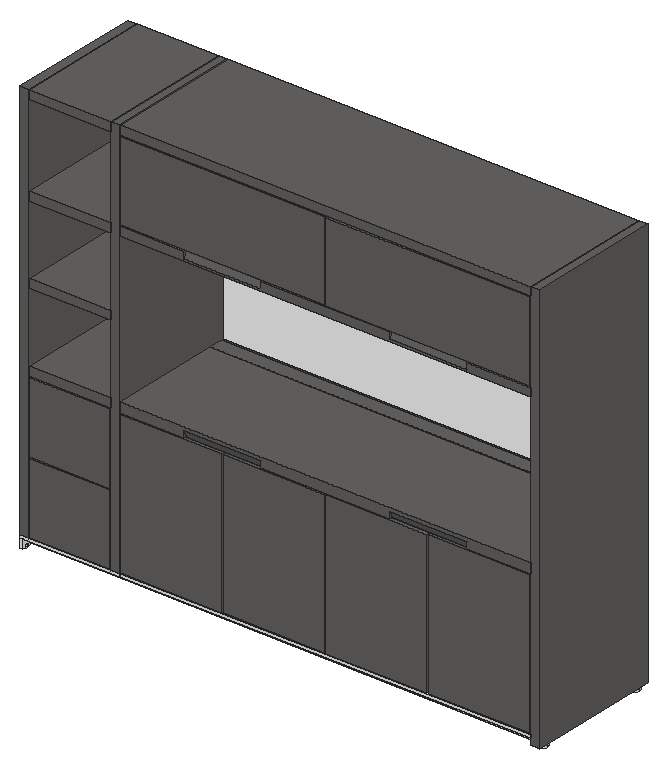
Revit family "Storage-Wall-Teknion-ZXLS_74_High_With_Lights-R2011", category Furniture Systems, Revit 2013
Parameters (values of type "(See Type Catalog)")
  Working Wall Finish [instance] = Glass - Teknion - K6 - White Backpainted
  Width = 92.642"
  Warranty = "http://www.teknionstudio.com/pdfs/Teknion%20Studio%20Warranty.pdf"
  Wall Unit Finish [instance] = Veneer - Teknion - P7 - Grey Oak
  Voltage = 120 V
  Unit Weight = 685.00 lbf
  URL = "www.teknionstudio.com"
  Right Tabletop Cutout Offset = if(Has Right Double Doors, 0", 4")  # 0"
  Left Tabletop Cutout Offset = if(Has Left Double Doors, 0", 4")  # 0"
  Storage Tower = Storage-Unit-Teknion-Tower : Upper Shelves & File/File Pedestal
  Series = "B&B Italia"
  Product Page URL = "http://www.teknionstudio.com/acexecutive/"
  Product Line = "AC Executive"
  Product Documentation Link = "http://www.teknionstudio.com/pricing/ac_executive_storage_walls_ppg.pdf"
  Power Factor = 1
  Part Number = "ZXLS"
  Number of Poles = 1
  Model = ""
  Manufacturer Phone = "919-464-2920"
  Manufacturer Fax = "919-464-2927"
  Manufacturer Email = "customersupport@teknionstudio.com"
  Manufacturer Address = "3940 US 70 Business HWY West, Clayton, NC 27520"
  Manufacturer = "Teknion Studio"  # constant formula
  Low Emitting Material = yes
  Low Emitting Finish = yes
  Height = 73.81394"
  Has Right File File Drawers = not(Has Right Double Doors)  # no
  Has Right Double Doors = yes
  Has Left File File Drawers = not(Has Left Double Doors)  # no
  Has Left Double Doors = yes
  Description = ""
  Depth = 24"
  Assembly Code = "E2020200"
  Apparent Load = 22.8 VA
Reference planes (in)
  plane 1 "Center F/B": y = 0
  plane 2: z = 0
  plane 3 "Center L/R": x = -16.17703
  plane 4 "Back": y = 12
  plane 5 "Front": y = -12
  plane 6 "Top": z = 73.81394
  plane 7: x = 28.60446
  plane 8: z = 29.68402
  plane 9: z = 56.1289
  plane 10: x = -44.7815
  plane 11: z = 2.1289
  plane 12: x = -8.08852
  plane 13 "Foot Centerline": y = -11.2126
  plane 14 "Tabletop Cutout Left": y = -12
  plane 15 "Foot Centerline Front": y = -10.22835
  plane 16 "Foot Centerline Back": y = 10.22835
  plane 17: y = -8.484
  plane 18 "Tabletop Cutout Right": y = -12
  plane 19: x = 30.14397
  plane 20 "Left": x = -62.49803
Forms (in)
  Sweep 1, solid, material "Veneer - Teknion - P7 - Grey Oak" <- "Wall Unit Finish"
    path origin (0, 0, 15.40683) x (-1, 0, 0) y (0, -1, 0)
      loop
        line (16.17703, -12) -> (16.17703, 12)
    profile origin (-16.17703, 0, 15.40683) x (1, 0, 0) y (0, 0, 1)
      loop
        line (44.7815, -14.81732) -> (46.321, -14.81732) -> (46.321, 58.4071) -> (44.7815, 58.4071) -> (44.7815, -14.81732)
  Sweep 2, solid, material "Metal - Teknion - C6 - Chrome"
    path origin (0, 0, 0) x (1, 0, 0) y (0, 0, 1)
      loop
        line (28.60446, 2.1289) -> (-44.7815, 2.1289)
    profile origin (-8.08852, 0, 2.1289) x (0, 0, -1) y (0, -1, 0)
      loop
        line (0, 12) -> (0, 10.4252) -> (0.394, 10.4252) -> (0.394, 12) -> (0, 12)
  Sweep 3, solid, material "Metal - Teknion - C6 - Chrome"
    path origin (0, 0, 0) x (1, 0, 0) y (0, 0, 1)
      loop
        line (-44.7815, 2.1289) -> (28.60446, 2.1289)
    profile origin (-8.08852, 0, 2.1289) x (0, 0, 1) y (0, -1, 0)
      loop
        line (-0.394, 10.6222) -> (-1.575, 10.6222) -> (-1.575, 10.4252) -> (-0.394, 10.4252) -> (-0.394, 10.6222)
  Sweep 4, solid, material "Veneer - Teknion - P7 - Grey Oak" <- "Wall Unit Finish"
    path origin (0, 0, 0) x (1, 0, 0) y (0, 0, 1)
      loop
        line (-44.7815, 29.68402) -> (28.60446, 29.68402)
    profile origin (-8.08852, 0, 29.68402) x (0, 0, 1) y (0, -1, 0)
      loop
        line (0, 12) -> (-1.7638, 12) -> (-1.7638, 11.276) -> (-27.55512, 11.276) -> (-27.55512, -12) -> (44.12992, -12) -> (44.12992, 12) -> (42.59022, 12) -> (42.59022, 11.2126) -> (27.98392, 11.2126) -> (27.98392, 12) -> (26.44488, 12) -> (26.44488, -10.94094) -> (0, -10.94094) -> (0, -10.90969) -> (-0.72441, -10.90969) -> (-0.72441, -10.56693) -> (0, -10.56693) -> (0, -8.05709) -> (-0.72441, -8.05709) -> (-0.72441, -7.80709) -> (0, -7.80709) -> (0, 12)
  Sweep 5, solid, material "Veneer - Teknion - P7 - Grey Oak" <- "Wall Unit Finish"
    path origin (0, 0, 15.40683) x (-1, 0, 0) y (0, -1, 0)
      loop
        line (16.17703, 12) -> (16.17703, 11.276)
    profile origin (-16.17703, -11.638, 15.40683) x (-1, 0, 0) y (0, 0, 1)
      loop
        line (-44.5315, 42.5111) -> (-8.21358, 42.5111) -> (-8.21358, 56.6174) -> (-44.5315, 56.6174) -> (-44.5315, 42.5111)
      loop
        line (-7.96358, 56.6174) -> (-7.96358, 42.5111) -> (28.35446, 42.5111) -> (28.35446, 56.6174) -> (-7.96358, 56.6174)
  Sweep 6, solid, material "Veneer - Teknion - P7 - Grey Oak" <- "Wall Unit Finish", visible <- "Has Right Double Doors"
    path origin (0, 0, 15.40683) x (-1, 0, 0) y (0, -1, 0)
      loop
        line (16.17703, 12) -> (16.17703, 11.276)
    profile origin (-16.17703, -11.638, 15.40683) x (-1, 0, 0) y (0, 0, 1)
      loop
        line (-8.21345, 12.26339) -> (-26.25025, 12.26339) -> (-26.25025, -13.03482) -> (-8.21345, -13.03482) -> (-8.21345, 12.26339)
      loop
        line (-26.50025, 12.26339) -> (-44.5315, 12.26339) -> (-44.5315, -13.03482) -> (-26.50025, -13.03482) -> (-26.50025, 12.26339)
  Sweep 7, solid, material "Veneer - Teknion - P7 - Grey Oak" <- "Wall Unit Finish", visible <- "Has Right File File Drawers"
    path origin (0, 0, 15.40683) x (-1, 0, 0) y (0, -1, 0)
      loop
        line (16.17703, 12) -> (16.17703, 11.276)
    profile origin (-16.17703, -11.638, 15.40683) x (-1, 0, 0) y (0, 0, 1)
      loop
        line (-8.21352, 12.26339) -> (-44.53156, 12.26339) -> (-44.53156, 0.01144) -> (-8.21352, 0.01144) -> (-8.21352, 12.26339)
      loop
        line (-44.53156, -0.77597) -> (-44.53156, -13.03482) -> (-8.21352, -13.03482) -> (-8.21352, -0.77597) -> (-44.53156, -0.77597)
  Sweep 8, void
    path origin (0, 0, 0) x (1, 0, 0) y (0, 0, 1)
      loop
        line (3.388, 29.68402) -> (17.16752, 29.68402)
    profile origin (10.27776, 0, 29.68402) x (0, 0, 1) y (0, -1, 0)
      loop
        line (-1.7638, 12) -> (-1.7638, 11.52756) -> (-0.66143, 12) -> (-1.7638, 12)
  Sweep 9, void
    path origin (0, 0, 0) x (1, 0, 0) y (0, 0, 1)
      loop
        line (-33.3248, 56.1289) -> (-19.54528, 56.1289)
    profile origin (-26.43504, 0, 56.1289) x (0, 0, 1) y (0, -1, 0)
      loop
        line (1.53937, 12) -> (0.43699, 12) -> (1.53937, 11.52755) -> (1.53937, 12)
  Sweep 10, void
    path origin (0, 0, 0) x (1, 0, 0) y (0, 0, 1)
      loop
        line (3.36831, 56.1289) -> (17.14764, 56.1289)
    profile origin (10.25797, 0, 56.1289) x (0, 0, 1) y (0, -1, 0)
      loop
        line (1.53937, 11.52755) -> (1.53937, 12) -> (0.43699, 12) -> (1.53937, 11.52755)
  Revolve 11, solid, material "Metal - Teknion - C6 - Chrome"
    sketch origin (0, -10.22835, 0) x (0, 0, 1) y (1, 0, 0)
      loop
        line (0, 29.37415) -> (0.58951, 29.37415) -> (0.58951, 29.65649) -> (0.23622, 29.65649) -> (0.23622, 30.11214) -> (0, 30.11214) -> (0, 29.37415)
      axis (0, 29.37415) -> (0.58951, 29.37415)
    angle from 0 to 360
  Revolve 12, solid, material "Metal - Teknion - C6 - Chrome"
    sketch origin (0, 10.22835, 0) x (0, 0, 1) y (1, 0, 0)
      loop
        line (0, 29.37415) -> (0.58951, 29.37415) -> (0.58951, 29.65649) -> (0.23622, 29.65649) -> (0.23622, 30.11214) -> (0, 30.11214) -> (0, 29.37415)
      axis (0, 29.37415) -> (0.58951, 29.37415)
    angle from 0 to 360
  Sweep 13, void
    path origin (0, 0, 0) x (1, 0, 0) y (0, 0, 1)
      loop
        line (-19.56503, 29.68402) -> (-33.34456, 29.68402)
    profile origin (-26.45479, 0, 29.68402) x (0, 0, -1) y (0, -1, 0)
      loop
        line (1.7638, 11.52756) -> (1.7638, 12) -> (0.66143, 12) -> (1.7638, 11.52756)
  Sweep 14, solid, material "Veneer - Teknion - P7 - Grey Oak" <- "Wall Unit Finish", visible <- "Has Left Double Doors"
    path origin (-16.17703, 0, 0) x (0, 1, 0) y (0, 0, 1)
      loop
        line (-12, 2.1289) -> (-11.276, 2.1289)
    profile origin (-16.17703, -11.638, 2.1289) x (0, 0, 1) y (1, 0, 0)
      loop
        line (25.54132, 7.96352) -> (0.24311, 7.96352) -> (0.24311, -10.07328) -> (25.54132, -10.07328) -> (25.54132, 7.96352)
      loop
        line (0.24311, -10.32328) -> (0.24311, -28.35453) -> (25.54132, -28.35453) -> (25.54132, -10.32328) -> (0.24311, -10.32328)
  Sweep 15, solid, material "Veneer - Teknion - P7 - Grey Oak" <- "Wall Unit Finish", visible <- "Has Left File File Drawers"
    path origin (-16.17703, 0, 0) x (0, 1, 0) y (0, 0, 1)
      loop
        line (-12, 2.1289) -> (-11.276, 2.1289)
    profile origin (-16.17703, -11.638, 2.1289) x (0, 0, 1) y (1, 0, 0)
      loop
        line (25.54132, 7.96352) -> (13.28937, 7.96352) -> (13.28937, -28.35453) -> (25.54132, -28.35453) -> (25.54132, 7.96352)
      loop
        line (12.50197, -28.35453) -> (12.50197, 7.96352) -> (0.24311, 7.96352) -> (0.24311, -28.35453) -> (12.50197, -28.35453)
Cuts and joins
  joined: Sweep 2, Sweep 3
  Sweep 8, Sweep 9, Sweep 10, Sweep 13 cuts Sweep 4
Lines and regions (in)
  Masking region 1
    outline origin (0, 0, 15.40683) x (-1, 0, 0) y (0, -1, 0)
      loop
        line (44.7815, -12) -> (44.7815, 12) -> (-30.14397, 12) -> (-30.14397, -12) -> (44.7815, -12)
  symbolic lines, style "Elevation Swing"
    curve 1: line (-44.7815, -12, 57.66827) -> (-26.43501, -12, 72.02424)
    curve 2: line (-8.08852, -12, 57.66832) -> (-26.43501, -12, 72.02424)
    curve 3: line (-8.08852, 0, 57.66832) -> (10.25797, 0, 72.19583)
    curve 4: line (10.25797, 0, 72.19583) -> (28.60446, 0, 57.66827)
  symbolic lines, detail levels medium+fine
    curve 5: line (-44.7815, 12, 15.40683) -> (-44.7815, -12, 15.40683)
  symbolic lines, style "FurnitureSystemsHiddenLines", detail levels fine
    curve 6: line (28.60446, -11.276, 15.40683) -> (-44.7815, -11.276, 15.40683)
    curve 7: line (-8.08852, 12, 15.40683) -> (-8.08852, -12, 15.40683)
  symbolic lines, visible <- "Has Right Double Doors"
    curve 8: line (-8.08852, -12, 15.40683) -> (-8.08852, -10.16949, 15.40683)
    curve 21: line (-8.08852, -12, 15.40683) -> (-8.08852, -30.34649, 15.40683)
    curve 22: arc (-8.08852, -30.34649, 15.40683) -> (4.88441, -24.97293, 15.40683) -> (10.25797, -12, 15.40683) r 18.34649
    curve 23: arc (10.25797, -12, 15.40683) -> (15.63154, -24.97293, 15.40683) -> (28.60446, -30.34649, 15.40683) r 18.34649
    curve 25: line (28.60446, -12, 15.40683) -> (28.60446, -30.34649, 15.40683)
  symbolic lines, style "Elevation Swing", visible <- "Has Right Double Doors"
    curve 9: line (10.07321, 0, 27.67022) -> (-7.96358, 0, 15.02111)
    curve 10: line (-7.96358, 0, 15.02111) -> (10.07321, 0, 2.37201)
    curve 11: line (10.32321, 0, 2.37201) -> (28.35446, 0, 15.02111)
    curve 12: line (28.35446, 0, 15.02111) -> (10.32321, 0, 27.67022)
  symbolic lines, style "Elevation Swing", visible <- "Has Left Double Doors"
    curve 13: line (-8.21352, 0, 15.02111) -> (-26.25031, 0, 27.67022)
    curve 14: line (-8.21352, 0, 15.02111) -> (-26.25031, 0, 2.37201)
    curve 15: line (-26.50031, 0, 2.37201) -> (-44.53156, 0, 15.02111)
    curve 16: line (-44.53156, 0, 15.02111) -> (-26.50031, 0, 27.67022)
  symbolic lines, visible <- "Has Left Double Doors"
    curve 17: line (-8.08852, -12, 15.40683) -> (-8.08852, -10.16949, 15.40683)
    curve 18: arc (-44.7815, -30.34649, 15.40683) -> (-31.80857, -24.97293, 15.40683) -> (-26.43501, -12, 15.40683) r 18.34649
    curve 19: arc (-26.43501, -12, 15.40683) -> (-21.06144, -24.97293, 15.40683) -> (-8.08852, -30.34649, 15.40683) r 18.34649
    curve 20: line (-44.7815, -12, 15.40683) -> (-44.7815, -30.34649, 15.40683)
    curve 24: line (-8.08852, -12, 15.40683) -> (-8.08852, -30.34649, 15.40683)
Dimensions and locks (in)
  equal spacing: plane 4 "Back", plane 1 "Center F/B", plane 5 "Front"
  "Depth": plane 4 "Back" to plane 5 "Front"
  "Height": plane 6 "Top" to plane 2
  locked: plane 8 to plane 2 at 29.68402
  locked: plane 9 to plane 8 at 26.44488
  locked: plane 11 to plane 2 at 2.1289
  locked: plane 11 to Sweep 3 sketch curve at 0.394
  locked: Sweep 3 sketch curve to Sweep 3 sketch curve at 1.181
  plane 5 "Front" to Sweep 3 sketch curve to Sweep 3 sketch curve = 1.3778" locked, 0.197" locked
  locked: plane 5 "Front" to plane 13 "Foot Centerline" at 0.7874
  plane 11 to Sweep 4 sketch curve = 0"
  locked: plane 8 to Sweep 4 sketch curve at 1.7638
  locked: Sweep 1 sketch curve to plane 2 at 0.58951
  locked: plane 5 "Front" to Sweep 5 sketch curve at 0.724
  locked: plane 5 "Front" to Sweep 6 sketch curve at 0.724
  locked: plane 8 to Sweep 6 sketch curve at 2.0138  (x2)
  locked: Sweep 6 sketch curve to Sweep 6 sketch curve at 25.29821  (x2)
  Sweep 6 sketch curve to Sweep 6 sketch curve to Sweep 6 sketch curve to Sweep 6 sketch curve to plane 10 = 18 1/32" locked, 1/4" locked, 18.0368" locked, 36.81791"
  locked: plane 5 "Front" to Sweep 7 sketch curve at 0.724
  plane 8 to Sweep 7 sketch curve to Sweep 7 sketch curve to Sweep 7 sketch curve to Sweep 7 sketch curve = 2.0138" locked, 12.25195" locked, 0.7874" locked, 12.25886" locked
  Sweep 7 sketch curve to Sweep 7 sketch curve to plane 12 = 36.31805" locked, 1/8" locked  (x2)
  Sweep 8 sketch curve to Sweep 8 sketch curve to plane 12 = 13.77953" locked, 11.47651" locked
  locked: plane 8 to Sweep 8 sketch curve at 1.7638
  locked: plane 18 "Tabletop Cutout Right" to Sweep 8 sketch curve at 0.47244
  "Left Tabletop Cutout Offset": plane 14 "Tabletop Cutout Left" to plane 5 "Front"
  locked: Sweep 9 sketch curve to Sweep 9 sketch curve at 13.77953
  locked: Sweep 9 sketch curve to plane 9 at 1.53937
  locked: Sweep 9 sketch curve to plane 9 at 0.43699
  locked: plane 5 "Front" to Sweep 9 sketch curve at 0.47245
  Sweep 10 sketch curve to Sweep 10 sketch curve to plane 9 = 1.10238" locked, 0.43699" locked
  locked: plane 5 "Front" to Sweep 10 sketch curve at 0.47245
  equal spacing: plane 12, curve 2, plane 10
  equal spacing: plane 7, curve 4, plane 12
  locked: plane 5 "Front" to curve 6 at 0.724
  locked: plane 4 "Back" to plane 16 "Foot Centerline Back" at 1.77165
  locked: plane 5 "Front" to plane 15 "Foot Centerline Front" at 1.77165
  locked: plane 5 "Front" to plane 17 at 3.516
  locked: plane 11 to Sweep 2 sketch curve at 0.394
  locked: plane 5 "Front" to Sweep 2 sketch curve at 1.5748
  plane 12 to Sweep 13 sketch curve to Sweep 13 sketch curve = 11.47651" locked, 13.77953" locked
  plane 8 to Sweep 13 sketch curve to Sweep 13 sketch curve = 0.66143" locked, 1.10236" locked
  locked: plane 14 "Tabletop Cutout Left" to Sweep 13 sketch curve at 0.47244
  locked: plane 5 "Front" to Sweep 4 sketch curve at 0.724
  locked: plane 5 "Front" to Sweep 14 sketch curve at 0.724
  plane 12 to Sweep 14 sketch curve to Sweep 14 sketch curve to Sweep 14 sketch curve to Sweep 14 sketch curve = 1/8" locked, 18.0368" locked, 1/4" locked, 18 1/32" locked
  plane 8 to Sweep 14 sketch curve to Sweep 14 sketch curve = 2.0138" locked, 25.29821" locked  (x2)
  locked: plane 5 "Front" to Sweep 15 sketch curve at 0.724
  plane 8 to Sweep 15 sketch curve to Sweep 15 sketch curve to Sweep 15 sketch curve to Sweep 15 sketch curve = 2.0138" locked, 12.25195" locked, 0.7874" locked, 12.25886" locked
  plane 12 to Sweep 15 sketch curve to Sweep 15 sketch curve = 1/8" locked, 36.31805" locked  (x2)
  "Right Tabletop Cutout Offset": plane 18 "Tabletop Cutout Right" to plane 5 "Front"
  "Width": plane 20 "Left" to plane 19
  equal spacing: plane 20 "Left", plane 3 "Center L/R", plane 19
  locked: plane 7 to plane 19 at 1.5395
  locked: plane 20 "Left" to plane 10 at 17.71654
  equal spacing: plane 10, plane 12, plane 7
  Revolve 11 sketch curve to Revolve 11 sketch curve to plane 2 = 0.35329" locked, 0.23622" locked
  locked: plane 19 to Revolve 11 sketch curve at 0.76982
  plane 19 to Revolve 11 sketch curve to Revolve 11 sketch curve = 0.03183" locked, 0.45565" locked
  Revolve 12 sketch curve to Revolve 12 sketch curve to plane 2 = 0.35329" locked, 0.23622" locked
  locked: plane 19 to Revolve 12 sketch curve at 0.76982
  Revolve 12 sketch curve to Revolve 12 sketch curve to plane 19 = 0.45565" locked, 0.03183" locked
  Sweep 5 sketch curve to plane 3 "Center L/R" to Sweep 5 sketch curve to Sweep 5 sketch curve to Sweep 5 sketch curve = 28.35446" locked, 7.96358" locked, 1/4" locked, 36.31791" locked
  plane 6 "Top" to Sweep 5 sketch curve to Sweep 5 sketch curve = 1.7897" locked, 14.1063" locked  (x2)
  plane 7 to Sweep 10 sketch curve to Sweep 10 sketch curve = 11.45683" locked, 13.77933" locked
  aligned and locked: level to plane 2
  aligned and locked: plane 4 "Back" to Sweep 1 sketch curve
  aligned and locked: plane 5 "Front" to Sweep 1 sketch curve
  aligned and locked: Sweep 1 sketch curve to plane 3 "Center L/R"
  aligned and locked: Sweep 1 sketch curve to plane 6 "Top"
  aligned and locked: Sweep 2 sketch curve to plane 11  (x2)
  aligned and locked: Sweep 3 sketch curve to plane 11
  aligned and locked: plane 10 to Sweep 4 sketch curve
  aligned and locked: plane 7 to Sweep 4 sketch curve
  aligned and locked: Sweep 4 sketch curve to plane 8  (x4)
  aligned and locked: Sweep 4 sketch curve to plane 5 "Front"
  aligned and locked: plane 4 "Back" to Sweep 4 sketch curve
  aligned and locked: plane 3 "Center L/R" to Sweep 5 sketch curve
  aligned and locked: plane 5 "Front" to Sweep 5 sketch curve
  aligned and locked: Sweep 4 sketch curve to plane 9
  aligned and locked: plane 3 "Center L/R" to Sweep 6 sketch curve
  aligned and locked: plane 5 "Front" to Sweep 6 sketch curve
  aligned and locked: plane 5 "Front" to Sweep 7 sketch curve
  aligned and locked: plane 3 "Center L/R" to Sweep 7 sketch curve
  aligned and locked: Sweep 8 sketch curve to plane 8
  aligned and locked: Sweep 9 sketch curve to plane 9
  aligned and locked: Sweep 10 sketch curve to plane 9
  aligned and locked: Sweep 10 sketch curve to plane 5 "Front"
  aligned and locked: plane 10 to curve 1
  aligned and locked: plane 12 to curve 2
  aligned and locked: plane 7 to curve 4
  aligned and locked: plane 12 to curve 3
  aligned and locked: plane 4 "Back" to curve 5
  aligned and locked: plane 7 to curve 6
  aligned and locked: plane 4 "Back" to curve 7
  aligned and locked: plane 5 "Front" to Sweep 9 sketch curve
  aligned and locked: Sweep 4 sketch curve to plane 6 "Top"
  aligned and locked: plane 13 "Foot Centerline" to Sweep 4 sketch curve
  aligned and locked: plane 5 "Front" to Sweep 4 sketch curve  (x2)
  aligned and locked: plane 2 to nested 1
  aligned and locked: plane 1 "Center F/B" to nested 1
  aligned: plane 9 to nested 2
  aligned: plane 12 to nested 2
  aligned and locked: nested 2 to plane 17
  aligned and locked: plane 9 to nested 2
  aligned and locked: plane 12 to nested 2
  aligned and locked: plane 7 to Sweep 2 sketch curve
  aligned and locked: plane 7 to Sweep 3 sketch curve
  aligned and locked: curve 7 to curve 8
  aligned and locked: Sweep 2 sketch curve to plane 5 "Front"
  aligned and locked: Masking region 1 sketch curve to plane 4 "Back"
  aligned and locked: Masking region 1 sketch curve to plane 5 "Front"
  aligned and locked: plane 8 to Sweep 13 sketch curve
  aligned and locked: Sweep 13 sketch curve to plane 14 "Tabletop Cutout Left"
  aligned and locked: plane 10 to Sweep 2 sketch curve
  aligned and locked: Sweep 14 sketch curve to plane 11
  aligned and locked: plane 5 "Front" to Sweep 14 sketch curve
  aligned and locked: plane 5 "Front" to Sweep 15 sketch curve
  aligned and locked: Sweep 15 sketch curve to plane 11
  aligned and locked: Sweep 6 to curve 9
  aligned and locked: curve 10 to Sweep 6
  aligned and locked: Sweep 6 to curve 11
  aligned and locked: curve 12 to Sweep 6
  aligned and locked: curve 13 to Sweep 14
  aligned and locked: Sweep 14 to curve 14
  aligned and locked: Sweep 14 to curve 15
  aligned and locked: Sweep 14 to curve 16
  aligned and locked: plane 10 to Sweep 3 sketch curve
  aligned and locked: plane 18 "Tabletop Cutout Right" to Sweep 8 sketch curve
  aligned and locked: plane 7 to Sweep 1 sketch curve
  aligned and locked: Sweep 1 sketch curve to plane 19
  aligned and locked: Masking region 1 sketch curve to plane 19
  aligned and locked: plane 10 to Masking region 1 sketch curve
  aligned and locked: nested 1 to plane 20 "Left"
  aligned and locked: Revolve 11 sketch curve to plane 2
  aligned and locked: plane 2 to Revolve 12 sketch curve
  aligned and locked: curve 20 to plane 10
  aligned and locked: plane 5 "Front" to curve 20
  aligned and locked: plane 5 "Front" to curve 19
  aligned and locked: plane 5 "Front" to curve 21
  aligned and locked: curve 24 to plane 12
  aligned and locked: curve 25 to plane 7
  aligned and locked: plane 5 "Front" to curve 23
  aligned and locked: plane 5 "Front" to curve 22
  aligned and locked: plane 5 "Front" to curve 25
Automatic sketch dimensions
  profile plane to Sweep 8 sketch curve = 0.66143"
  plane 9 to curve 2 = 1.53942"
  plane 9 to curve 1 = 1.53937"
  Sweep 4 sketch curve to Sweep 4 sketch curve = 0.72441"  (x2)
  Sweep 4 sketch curve to Sweep 4 sketch curve = 1.5397"
  Sweep 4 sketch curve to Sweep 4 sketch curve = 1.05906"
  Sweep 4 sketch curve to Sweep 4 sketch curve = 1/32"
  Sweep 4 sketch curve to Sweep 4 sketch curve = 0.34277"
  Sweep 4 sketch curve to Sweep 4 sketch curve = 2.50984"
  Sweep 4 sketch curve to Sweep 4 sketch curve = 1/4"
  Sweep 4 sketch curve to Sweep 4 sketch curve = 1.53904"
  Sweep 2 sketch curve to Sweep 2 sketch curve = 1.5748"
  plane 11 to curve 15 = 0.24311"
  curve 15 to curve 14 = 1/4"
  curve 16 to plane 8 = 2.0138"
  curve 13 to plane 12 = 1/8"
  curve 9 to plane 8 = 2.0138"
  curve 9 to curve 12 = 1/4"
  plane 11 to curve 11 = 0.24311"
  curve 10 to curve 11 = 1/4"
  plane 11 to curve 14 = 0.24311"
  plane 11 to curve 10 = 0.24311"
  plane 11 to curve 12 = 12.89222"
  plane 11 to curve 9 = 12.89222"
  plane 11 to curve 15 = 12.89222"
  curve 13 to curve 9 = 0"
  curve 13 to curve 16 = 0"
  curve 12 to curve 9 = 0"
  plane 9 to curve 4 = 1.53937"
  plane 9 to curve 3 = 1.53942"
  curve 3 to plane 6 "Top" = 1.61811"
  Revolve 11 sketch curve to level = 0"
  Revolve 11 sketch curve to Revolve 11 sketch curve = 0"  (x2)
  Revolve 12 sketch curve to level = 0"
  Revolve 12 sketch curve to Revolve 12 sketch curve = 0"  (x2)
  curve 2 to plane 6 "Top" = 1.7897"
  curve 23 to curve 19 = 18.34649"
  curve 22 to curve 23 = 0"
  curve 18 to curve 19 = 0"
  plane 14 "Tabletop Cutout Left" to curve 8 = 1.83051"
Nested families (in)
  nested 1: "Storage-Unit-Teknion-Tower" at (-53.63976, 0, 0) x (-1, 0, 0) z (0, 0, 1), type <- "Storage Tower", Height <- "Height", type "Upper Shelves & File/File Pedestal"
    with Height 73.81394", Has Top Shelf no, Bottom Drawer Height 13.047"
  nested 2: "Lighting-Teknion-Storage_Wall" at (-8.08852, 0.12401, 56.1289), type "Lighting-Teknion-Storage_Wall"
Connectors (in)
  electrical at (-8.08852, 12, 37.97142), driven by "Number of Poles", driven by "Voltage", driven by "Apparent Load", driven by "Power Factor"
    settings: on cut or joined group of Sweep 4, Sweep 8, Sweep 9, Sweep 10, Sweep 13, index 1, voltage 120 V, apparent load 0 VA, apparent load phase1 22.8 VA, apparent load phase2 0 VA, apparent load phase3 0 VA, power factor 1, load classification "Other", number of poles 1, system type 31, power factor state 1, is connector primary yes, connector utility no, sub classification motor no, connector description "Electrical Connector"
Definition of nested family "Storage-Unit-Teknion-Tower"
  Parameters (values of type "Upper Wardrobe & Lower Door")
    Width = 17.71654"
    Warranty = "http://www.teknionstudio.com/pdfs/Teknion%20Studio%20Warranty.pdf"
    Wall Unit Finish = Veneer - Teknion - P8 - Light Brushed Oak
    URL = "www.teknionstudio.com"
    Series = "B&B Italia"
    Product Line = "AC Executive"
    Model = ""
    Middle Drawer Height = if(Has Top Drawer, 6.425", 12.719")  # 12.719"
    Manufacturer Phone = "919-464-2920"
    Manufacturer Fax = "919-464-2927"
    Manufacturer Email = "customersupport@teknionstudio.com"
    Manufacturer Address = "3940 US 70 Business HWY West, Clayton, NC 27520"
    Manufacturer = "Teknion Studio"  # constant formula
    Height [instance] = 73.81394"
    Has Top Shelf [instance] = and(Height > 75", Has Shelves)  # no
    Has Top Drawer = no
    Has Top Door = yes
    Has Shelves = no
    Has Right Leg = yes
    Has Middle Drawer = no
    Has Lower Shelf = yes
    Has Left Leg = no
    Has Full Wardrobe Door = no
    Has Doors = yes
    Door Projection Symbol = yes
    Description = "Tower Storage Unit"
    Depth = 24"
    Bottom Drawer Height [instance] = if(Has Middle Drawer, 13.047", if(Has Top Drawer, 13.047", if(Has Full Wardrobe Door, (Height - 3.668"), 26.016")))  # 26.016"
    Assembly Code = "E2010200"
  Types (7): name | Wall Unit Finish | Series | Product Line | Middle Drawer Height | Has Top Drawer | Has Top Door | Has Shelves | Has Middle Drawer | Has Lower Shelf | Has Full Wardrobe Door | Has Doors | Door Projection Symbol | Bottom Drawer Height
    Upper Shelves & Lower Door | none | "AC Executive" | "" | 12.719" | no | no | yes | no | yes | no | yes | yes | 26.016"
    Upper Shelves & File/File Pedestal | none | "AC Executive" | "" | 12.719" | no | no | yes | yes | yes | no | no | no | 13.047"
    Upper Shelves & Box/Box/File Pedestal | Veneer - Teknion - P8 - Light Brushed Oak | "AC Executive" | "" | 6.425" | yes | no | yes | yes | yes | yes | no | no | 13.047"
    Full Wardrobe | none | "AC Executive" | "" | 12.719" | no | no | no | no | no | yes | yes | yes | 70.14594"
    Upper Wardrobe & Lower Door | Veneer - Teknion - P8 - Light Brushed Oak | "B&B Italia" | "AC Executive" | 12.719" | no | yes | no | no | yes | no | yes | yes | 26.016"
    Upper Wardrobe & File/File Pedestal | none | "AC Executive" | "" | 12.719" | no | yes | no | yes | yes | no | no | yes | 13.047"
    Upper Wardrobe & Box/Box/File Pedestal | none | "AC Executive" | "" | 6.425" | yes | yes | no | yes | yes | no | no | yes | 13.047"
  Reference planes (in)
    plane 1 "Center F/B": y = 0
    plane 2: z = 0
    plane 3 "Center L/R": x = 0
    plane 4 "Left": x = -8.85827
    plane 5 "Right": x = 8.85827
    plane 6 "Back": y = 12
    plane 7 "Front": y = -12
    plane 8 "Top": z = 73.81394
    plane 9: x = -7.3189
    plane 10: x = 7.3189
    plane 11: z = 2.1289
    plane 12 "Foot Centerline": y = -11.2126
    plane 13: z = 29.68402
    plane 14 "Drawer 1 Top": z = 28.1449
    plane 15 "Drawer 2 Top": z = 40.8639
    plane 16 "Drawer 3 Top": z = 27.89502
    plane 17: z = 42.13677
  Forms (in)
    Sweep 1, solid, material "Metal - Teknion - C6 - Chrome", visible <- "Has Left Leg"
      path origin (0, -12, 0) x (1, 0, 0) y (0, 0, 1)
        loop
          line (-8.85827, 1.7349) -> (-8.85827, 0.05803)
      profile origin (-8.85827, -12, 0.89646) x (0, -1, 0) y (1, 0, 0)
        loop
          line (-1.5748, 0) -> (0, 0) -> (0, 0.394) -> (-1.5748, 0.394) -> (-1.5748, 0)
    Sweep 2, solid, material "Metal - Teknion - C6 - Chrome"
      path origin (0, -12, 0) x (1, 0, 0) y (0, 0, 1)
        loop
          line (-8.85827, 2.1289) -> (8.46427, 2.1289)
      profile origin (-0.197, -12, 2.1289) x (0, 0, 1) y (0, -1, 0)
        loop
          line (-0.394, -1.5748) -> (-0.394, -1.3778) -> (-1.575, -1.3778) -> (-1.575, -1.5748) -> (-0.394, -1.5748)
    Revolve 3, solid, material "Metal - Teknion - C6 - Chrome"
      sketch origin (0, -11.2126, 0) x (0, 0, -1) y (1, 0, 0)
        loop
          line (-0.4911, 8.32677) -> (-0.45173, 8.2874) -> (-0.28492, 8.2874) -> (-0.24555, 8.32677) -> (-0.20618, 8.2874) -> (-0.03937, 8.2874) -> (0, 8.32677) -> (0, 8.66142) -> (-0.4911, 8.66142) -> (-0.4911, 8.32677)
        axis (0, 8.66142) -> (-0.4911, 8.66142)
      angle from 0 to 360
    Revolve 4, solid, material "Metal - Teknion - C6 - Chrome", visible <- "Has Left Leg"
      sketch origin (0, -11.2126, 0) x (0, 0, -1) y (1, 0, 0)
        loop
          line (0, -8.99606) -> (0, -8.66142) -> (-0.4911, -8.66142) -> (-0.4911, -8.99606) -> (-0.45173, -9.03543) -> (-0.28492, -9.03543) -> (-0.24555, -8.99606) -> (-0.20618, -9.03543) -> (-0.03937, -9.03543) -> (0, -8.99606)
        axis (0, -8.66142) -> (-0.4911, -8.66142)
      angle from 0 to 360
    Sweep 5, solid, material "Veneer - Teknion - P8 - Light Brushed Oak" <- "Wall Unit Finish"
      path origin (0, 0, 0) x (1, 0, 0) y (0, 0, 1)
        loop
          line (0, 2.1289) -> (0, 73.81394)
      profile origin (0, 0, 37.97142) x (-1, 0, 0) y (0, -1, 0)
        loop
          line (8.85827, -12) -> (8.85827, 12) -> (7.3189, 12) -> (7.3189, -12) -> (8.85827, -12)
        loop
          line (-7.3189, 12) -> (-8.85827, 12) -> (-8.85827, -12) -> (-7.3189, -12) -> (-7.3189, 12)
    Sweep 6, solid, material "Veneer - Teknion - P8 - Light Brushed Oak" <- "Wall Unit Finish"
      path origin (0, 0, 15.40683) x (-1, 0, 0) y (0, -1, 0)
        loop
          line (0, -12) -> (0, 12)
      profile origin (0, 0, 15.40683) x (1, 0, 0) y (0, 0, 1)
        loop
          line (-7.3189, 58.4071) -> (-7.3189, 56.86773) -> (7.3189, 56.86773) -> (7.3189, 58.4071) -> (-7.3189, 58.4071)
    Sweep 7, solid, material "Veneer - Teknion - P8 - Light Brushed Oak" <- "Wall Unit Finish"
      path origin (0, -12, 0) x (1, 0, 0) y (0, 0, 1)
        loop
          line (0, 2.1289) -> (0, 72.27457)
      profile origin (0, -12, 37.20173) x (-1, 0, 0) y (0, -1, 0)
        loop
          line (7.3189, -24) -> (7.3189, -23.25) -> (-7.3189, -23.25) -> (-7.3189, -24) -> (7.3189, -24)
    Sweep 8, solid, material "Veneer - Teknion - P8 - Light Brushed Oak" <- "Wall Unit Finish", visible <- "Has Lower Shelf"
      path origin (0, -12, 0) x (1, 0, 0) y (0, 0, 1)
        loop
          line (-7.3189, 29.68402) -> (7.3189, 29.68402)
      profile origin (0, -12, 29.68402) x (0, 0, 1) y (0, -1, 0)
        loop
          line (0, 0) -> (-1.539, 0) -> (-1.539, -0.724) -> (-27.55512, -0.724) -> (-27.55512, -23.25) -> (0, -23.25) -> (0, 0)
    Sweep 9, solid, material "Veneer - Teknion - P8 - Light Brushed Oak" <- "Wall Unit Finish"
      path origin (0, -12, 0) x (1, 0, 0) y (0, 0, 1)
        loop
          line (0, 2.3789) -> (0, 27.8949)
      profile origin (0, -12, 15.1369) x (-1, 0, 0) y (0, -1, 0)
        loop
          line (7.0689, -0.724) -> (7.0689, 0) -> (-7.0689, 0) -> (-7.0689, -0.724) -> (7.0689, -0.724)
    Sweep 10, solid, material "Veneer - Teknion - P8 - Light Brushed Oak" <- "Wall Unit Finish", visible <- "Has Middle Drawer"
      path origin (0, -12, 0) x (1, 0, 0) y (0, 0, 1)
        loop
          line (0, 28.1449) -> (0, 40.8639)
      profile origin (0, -12, 34.5044) x (-1, 0, 0) y (0, -1, 0)
        loop
          line (7.0689, -0.724) -> (7.0689, 0) -> (-7.0689, 0) -> (-7.0689, -0.724) -> (7.0689, -0.724)
    Sweep 11, solid, material "Veneer - Teknion - P8 - Light Brushed Oak" <- "Wall Unit Finish", visible <- "Has Top Drawer"
      path origin (0, -12, 0) x (1, 0, 0) y (0, 0, 1)
        loop
          line (0, 47.15802) -> (0, 41.1139)
      profile origin (0, -12, 44.13596) x (0, -1, 0) y (1, 0, 0)
        loop
          line (0, 7.0689) -> (-0.724, 7.0689) -> (-0.724, -7.0689) -> (0, -7.0689) -> (0, 7.0689)
    Sweep 12, solid, material "Veneer - Teknion - P8 - Light Brushed Oak" <- "Wall Unit Finish", visible <- "Has Shelves"
      path origin (0, -12, 0) x (1, 0, 0) y (0, 0, 1)
        loop
          line (0, 42.13677) -> (0, 43.67614)
      profile origin (0, -12, 42.90646) x (-1, 0, 0) y (0, -1, 0)
        loop
          line (7.3189, -23.25) -> (7.3189, 0) -> (-7.3189, 0) -> (-7.3189, -23.25) -> (7.3189, -23.25)
    Sweep 13, solid, material "Veneer - Teknion - P8 - Light Brushed Oak" <- "Wall Unit Finish", visible <- "Has Shelves"
      path origin (0, -12, 13.9918) x (1, 0, 0) y (0, 0, 1)
        loop
          line (0, 42.13677) -> (0, 43.67614)
      profile origin (0, -12, 56.89825) x (-1, 0, 0) y (0, -1, 0)
        loop
          line (7.3189, -23.25) -> (7.3189, 0) -> (-7.3189, 0) -> (-7.3189, -23.25) -> (7.3189, -23.25)
    Sweep 14, solid, material "Veneer - Teknion - P8 - Light Brushed Oak" <- "Wall Unit Finish", visible <- "Has Top Door"
      path origin (0, -12, 0) x (1, 0, 0) y (0, 0, 1)
        loop
          line (0, 29.93402) -> (0, 72.02457)
      profile origin (0, -12, 50.97929) x (-1, 0, 0) y (0, -1, 0)
        loop
          line (7.0689, -0.724) -> (7.0689, 0) -> (-7.0689, 0) -> (-7.0689, -0.724) -> (7.0689, -0.724)
    Sweep 15, solid, material "Veneer - Teknion - P8 - Light Brushed Oak" <- "Wall Unit Finish"
      path origin (0, -12, 0) x (1, 0, 0) y (0, 0, 1)
        loop
          line (-8.85827, 2.1289) -> (8.85827, 2.1289)
      profile origin (0, -12, 2.1289) x (0, 0, 1) y (0, -1, 0)
        loop
          line (0, -1.5748) -> (-1.53937, -1.5748) -> (-1.53937, -24) -> (0, -24) -> (0, -1.5748)
    Sweep 16, solid, material "Veneer - Teknion - P8 - Light Brushed Oak" <- "Wall Unit Finish", visible <- "Has Top Shelf"
      path origin (0, 0, 0) x (1, 0, 0) y (0, 0, 1)
        loop
          line (0, 73.81394) -> (0, 72.27457)
      profile origin (0, 0, 73.04425) x (0, -1, 0) y (1, 0, 0)
        loop
          line (-11.25, -7.3189) -> (12, -7.3189) -> (12, 7.3189) -> (-11.25, 7.3189) -> (-11.25, -7.3189)
    Sweep 17, solid, material "Metal - Teknion - C6 - Chrome"
      path origin (0, 0, 0) x (1, 0, 0) y (0, 0, 1)
        loop
          line (-8.85827, 2.1289) -> (8.85827, 2.1289)
      profile origin (0, 0, 2.1289) x (0, 0, 1) y (0, -1, 0)
        loop
          line (0, 10.4252) -> (0, 12) -> (-0.394, 12) -> (-0.394, 10.4252) -> (0, 10.4252)
    Sweep 18, solid, material "Metal - Teknion - C6 - Chrome"
      path origin (0, 0, 0) x (1, 0, 0) y (0, 0, 1)
        loop
          line (8.85827, 1.7349) -> (8.85827, 0.05803)
      profile origin (8.85827, 0, 0.89646) x (0, -1, 0) y (1, 0, 0)
        loop
          line (10.4252, -0.394) -> (12, -0.394) -> (12, 0) -> (10.4252, 0) -> (10.4252, -0.394)
  Lines and regions (in)
    Masking region 1
      outline origin (0, 0, 15.40683) x (-1, 0, 0) y (0, -1, 0)
        loop
          line (8.85827, -12) -> (8.85827, 12) -> (-8.85827, 12) -> (-8.85827, -12) -> (8.85827, -12)
    symbolic lines, style "FurnitureSystems", detail levels medium+fine
      curve 1: line (-7.3189, 12, 15.40683) -> (-7.3189, -12, 15.40683)
      curve 2: line (7.3189, 12, 15.40683) -> (7.3189, -12, 15.40683)
    symbolic lines, style "FurnitureSystemsHiddenLines", detail levels fine
      curve 3: line (-7.3189, -11.276, 15.40683) -> (7.3189, -11.276, 15.40683)
    symbolic lines, style "Elevation Swing", visible <- "Has Doors"
      curve 4: line (-7.3189, -12, 2.1289) -> (7.3189, -12, 15.1369)
      curve 5: line (7.3189, -12, 15.1369) -> (-7.3189, -12, 28.1449)
    symbolic lines, style "Elevation Swing", visible <- "Has Top Door"
      curve 6: line (-7.3189, -12, 29.68402) -> (7.3189, -12, 50.97929)
      curve 7: line (7.3189, -12, 50.97929) -> (-7.3189, -12, 72.27457)
    symbolic lines, style "FurnitureSystems", visible <- "Door Projection Symbol"
      curve 8: arc (-7.3189, -12, 0) -> (-3.03159, -22.35048, 0) -> (7.3189, -26.6378, 0) r 14.6378
    symbolic lines, visible <- "Door Projection Symbol"
      curve 9: line (7.3189, -12, 15.40683) -> (7.3189, -26.6378, 15.40683)
  Dimensions and locks (in)
    equal spacing: plane 4 "Left", plane 3 "Center L/R", plane 5 "Right"
    "Width": plane 4 "Left" to plane 5 "Right"
    equal spacing: plane 6 "Back", plane 1 "Center F/B", plane 7 "Front"
    "Depth": plane 6 "Back" to plane 7 "Front"
    locked: plane 4 "Left" to plane 9 at 1.53937
    locked: plane 10 to plane 5 "Right" at 1.53937
    "Height": plane 8 "Top" to level
    locked: Sweep 1 sketch curve to level at 0.05803
    locked: plane 11 to plane 2 at 2.1289
    plane 11 to Sweep 2 sketch curve to Sweep 2 sketch curve = 0.394" locked, 1.181" locked
    plane 7 "Front" to Sweep 2 sketch curve to Sweep 2 sketch curve = 1.3778" locked, 0.197" locked
    locked: Revolve 3 sketch curve to plane 2 at 0.4911  (x2)
    locked: plane 5 "Right" to Revolve 3 sketch curve at 0.57087
    locked: plane 7 "Front" to plane 12 "Foot Centerline" at 0.7874
    Revolve 3 sketch curve to Revolve 3 sketch curve to Revolve 3 sketch curve to Revolve 3 sketch curve to plane 2 = 0.16681" locked, 0.07874" locked, 0.16681" locked, 0.03937" locked
    locked: Revolve 4 sketch curve to plane 2 at 0.4911  (x2)
    locked: Revolve 4 sketch curve to Revolve 4 sketch curve at 0.37402
    Revolve 4 sketch curve to Revolve 4 sketch curve to Revolve 4 sketch curve to Revolve 4 sketch curve to plane 2 = 0.16681" locked, 0.07874" locked, 0.16681" locked, 0.03937" locked
    locked: Revolve 4 sketch curve to plane 4 "Left" at 0.19685
    locked: plane 8 "Top" to Sweep 6 sketch curve at 1.53937
    locked: plane 8 "Top" to Sweep 7 sketch curve at 1.53937
    locked: plane 6 "Back" to Sweep 7 sketch curve at 0.75
    locked: plane 13 to plane 2 at 29.68402
    locked: plane 7 "Front" to Sweep 8 sketch curve at 0.724
    locked: plane 13 to Sweep 8 sketch curve at 1.539
    locked: plane 13 to plane 16 "Drawer 3 Top" at 1.789
    "Bottom Drawer Height": plane 14 "Drawer 1 Top" to plane 11
    "Middle Drawer Height": plane 15 "Drawer 2 Top" to plane 14 "Drawer 1 Top"
    locked: plane 14 "Drawer 1 Top" to Sweep 9 sketch curve at 0.25
    locked: plane 7 "Front" to Sweep 9 sketch curve at 0.724
    locked: Sweep 10 sketch curve to plane 12 "Foot Centerline" at 0.0634
    locked: plane 7 "Front" to Sweep 11 sketch curve at 0.724
    locked: plane 17 to plane 13 at 12.45276
    group 1 to group 2 = 0"  (x2)
    group 1 to group 2 = 13.9918"
    locked: Sweep 13 to plane 17 at 13.9918
    locked: plane 8 "Top" to Sweep 14 sketch curve at 1.78937
    locked: Sweep 14 sketch curve to plane 13 at 0.25
    locked: plane 7 "Front" to Sweep 14 sketch curve at 0.724
    locked: plane 11 to Sweep 15 sketch curve at 1.53937
    locked: plane 7 "Front" to Sweep 15 sketch curve at 1.5748
    equal spacing: Sweep 6, curve 7, plane 13
    equal spacing: plane 14 "Drawer 1 Top", curve 5, plane 11
    locked: plane 6 "Back" to Sweep 16 sketch curve at 0.75
    Sweep 16 sketch curve to Sweep 16 sketch curve to plane 2 = 1.53937" locked, 72.27457" locked
    locked: Sweep 9 sketch curve to plane 11 at 0.25
    locked: plane 9 to Sweep 9 sketch curve at 0.25
    locked: Sweep 9 sketch curve to plane 10 at 0.25
    locked: Sweep 11 sketch curve to plane 15 "Drawer 2 Top" at 0.25
    locked: plane 9 to Sweep 11 sketch curve at 0.25
    locked: Sweep 11 sketch curve to plane 10 at 0.25
    locked: Sweep 10 sketch curve to plane 10 at 0.25
    locked: plane 9 to Sweep 10 sketch curve at 0.25
    locked: Sweep 11 sketch curve to Sweep 11 sketch curve at 6.04412
    locked: Sweep 14 sketch curve to plane 10 at 0.25
    locked: plane 9 to Sweep 14 sketch curve at 0.25
    locked: plane 4 "Left" to Sweep 1 sketch curve at 0.394
    locked: plane 7 "Front" to Sweep 1 sketch curve at 1.5748
    locked: plane 11 to Sweep 1 sketch curve at 0.394
    locked: Sweep 17 sketch curve to plane 7 "Front" at 1.5748
    locked: plane 11 to Sweep 17 sketch curve at 0.394
    locked: Sweep 18 sketch curve to plane 2 at 0.05803
    locked: Sweep 18 sketch curve to plane 5 "Right" at 0.394
    locked: plane 7 "Front" to Sweep 18 sketch curve at 1.5748
    locked: plane 11 to Sweep 18 sketch curve at 0.394
    locked: plane 5 "Right" to Sweep 2 sketch curve at 0.394
    aligned and locked: level to plane 2
    aligned and locked: Sweep 1 sketch curve to plane 4 "Left"
    aligned and locked: Sweep 2 sketch curve to plane 11
    aligned and locked: plane 2 to Revolve 3 sketch curve
    aligned and locked: Revolve 3 sketch curve to plane 2
    aligned and locked: plane 2 to Revolve 4 sketch curve
    aligned and locked: Revolve 4 sketch curve to plane 2
    aligned and locked: plane 8 "Top" to Sweep 5 sketch curve
    aligned and locked: plane 11 to Sweep 5 sketch curve
    aligned and locked: plane 3 "Center L/R" to Sweep 5 sketch curve
    aligned and locked: Sweep 5 sketch curve to plane 6 "Back"
    aligned and locked: plane 6 "Back" to Sweep 5 sketch curve
    aligned and locked: Sweep 5 sketch curve to plane 10
    aligned and locked: plane 5 "Right" to Sweep 5 sketch curve
    aligned and locked: Sweep 5 sketch curve to plane 9
    aligned and locked: plane 4 "Left" to Sweep 5 sketch curve
    aligned and locked: Sweep 5 sketch curve to plane 7 "Front"
    aligned and locked: plane 7 "Front" to Sweep 5 sketch curve
    aligned and locked: plane 6 "Back" to Sweep 6 sketch curve
    aligned and locked: plane 7 "Front" to Sweep 6 sketch curve
    aligned and locked: Sweep 6 sketch curve to plane 3 "Center L/R"
    aligned and locked: plane 9 to Sweep 6 sketch curve
    aligned and locked: Sweep 6 sketch curve to plane 8 "Top"
    aligned and locked: Sweep 6 sketch curve to plane 10
    aligned and locked: plane 11 to Sweep 7 sketch curve
    aligned and locked: plane 3 "Center L/R" to Sweep 7 sketch curve
    aligned and locked: plane 9 to Sweep 7 sketch curve
    aligned and locked: Sweep 7 sketch curve to plane 10
    aligned and locked: Sweep 7 sketch curve to plane 6 "Back"
    aligned and locked: plane 9 to Sweep 8 sketch curve
    aligned and locked: plane 10 to Sweep 8 sketch curve
    aligned and locked: Sweep 8 sketch curve to plane 13  (x2)
    aligned and locked: plane 7 "Front" to Sweep 8 sketch curve
    aligned and locked: Sweep 8 sketch curve to plane 11
    aligned and locked: plane 3 "Center L/R" to Sweep 9 sketch curve
    aligned and locked: Sweep 9 sketch curve to plane 7 "Front"
    aligned and locked: plane 15 "Drawer 2 Top" to Sweep 10 sketch curve
    aligned and locked: plane 14 "Drawer 1 Top" to Sweep 10 sketch curve
    aligned and locked: plane 3 "Center L/R" to Sweep 10 sketch curve
    aligned and locked: plane 7 "Front" to Sweep 10 sketch curve
    aligned and locked: Sweep 11 sketch curve to plane 3 "Center L/R"
    aligned and locked: Sweep 11 sketch curve to plane 7 "Front"
    aligned and locked: Sweep 13 to plane 9
    aligned and locked: plane 3 "Center L/R" to Sweep 14 sketch curve
    aligned and locked: Sweep 14 sketch curve to plane 7 "Front"
    aligned and locked: plane 4 "Left" to Sweep 15 sketch curve
    aligned and locked: plane 5 "Right" to Sweep 15 sketch curve
    aligned and locked: Sweep 15 sketch curve to plane 11  (x2)
    aligned and locked: Sweep 15 sketch curve to plane 6 "Back"
    aligned and locked: plane 4 "Left" to Masking region 1 sketch curve
    aligned and locked: Masking region 1 sketch curve to plane 6 "Back"
    aligned and locked: Masking region 1 sketch curve to plane 5 "Right"
    aligned and locked: Masking region 1 sketch curve to plane 7 "Front"
    aligned and locked: plane 6 "Back" to curve 1
    aligned and locked: curve 1 to plane 9
    aligned and locked: plane 7 "Front" to curve 2
    aligned and locked: plane 6 "Back" to curve 2
    aligned and locked: curve 2 to plane 10
    aligned and locked: plane 9 to curve 3
    aligned and locked: plane 10 to curve 3
    aligned and locked: curve 3 to Sweep 14
    aligned and locked: plane 11 to curve 4
    aligned and locked: plane 9 to curve 4
    aligned and locked: plane 10 to curve 5
    aligned and locked: plane 9 to curve 5
    aligned and locked: plane 14 "Drawer 1 Top" to curve 5
    aligned and locked: plane 13 to curve 6
    aligned and locked: plane 9 to curve 6
    aligned and locked: plane 9 to curve 7
    aligned and locked: curve 7 to Sweep 6
    aligned and locked: plane 7 "Front" to curve 8
    aligned and locked: curve 8 to plane 10
    aligned and locked: Sweep 16 sketch curve to plane 3 "Center L/R"
    aligned and locked: plane 9 to Sweep 16 sketch curve
    aligned and locked: Sweep 16 sketch curve to plane 10
    aligned and locked: Sweep 16 sketch curve to plane 7 "Front"
    aligned and locked: plane 4 "Left" to Sweep 17 sketch curve
    aligned and locked: plane 5 "Right" to Sweep 17 sketch curve
    aligned and locked: Sweep 17 sketch curve to plane 11  (x2)
    aligned and locked: Sweep 17 sketch curve to plane 7 "Front"
    aligned and locked: Sweep 18 sketch curve to plane 5 "Right"  (x2)
    aligned and locked: Sweep 18 sketch curve to plane 7 "Front"
    aligned and locked: plane 4 "Left" to Sweep 2 sketch curve
  Automatic sketch dimensions
    Revolve 3 sketch curve to Revolve 3 sketch curve = 0.03937"  (x3)
    Revolve 3 sketch curve to Revolve 3 sketch curve = 0"  (x2)
    Revolve 3 sketch curve to plane 5 "Right" = 0.19685"
    Revolve 4 sketch curve to Revolve 4 sketch curve = 0.03937"  (x3)
    Revolve 4 sketch curve to Revolve 4 sketch curve = 0"  (x2)
    Sweep 12 sketch curve to Sweep 12 sketch curve = 1.53937"
    profile plane to Sweep 12 sketch curve = 0"
    profile plane to Sweep 12 sketch curve = 7.3189"
    Sweep 12 sketch curve to profile plane = 7.3189"
    Sweep 12 sketch curve to profile plane = 23 1/4"
    Sweep 13 sketch curve to Sweep 13 sketch curve = 1.53937"
    profile plane to Sweep 13 sketch curve = 0"
    profile plane to Sweep 13 sketch curve = 7.3189"
    Sweep 13 sketch curve to profile plane = 7.3189"
    Sweep 13 sketch curve to profile plane = 23 1/4"
    Sweep 8 sketch curve to Sweep 8 sketch curve = 22.526"
    curve 7 to plane 10 = 0"
    curve 8 to plane 9 = 0"
    plane 7 "Front" to curve 1 = 0"
    plane 7 "Front" to curve 9 = 14.6378"
    Sweep 1 sketch curve to profile plane = 0"
    plane 7 "Front" to Sweep 1 sketch curve = 0"
Definition of nested family "Lighting-Teknion-Storage_Wall"
  Parameters (values of type "Lighting-Teknion-Storage_Wall")
    Wattage = 4.03926 W
    built-in parameter 1150110 = 1 (stored number, unit not read)
    built-in parameter 1114217 = 1 (stored number, unit not read)
    built-in parameter 1150109 = 1 (stored number, unit not read)
    built-in parameter 1150134 = 1
    built-in parameter 1150113 = 1 (stored number, unit not read)
    Offset From Reference Level = 0"
    Lumens = 600 lm
    built-in parameter 1150115 = 1 (stored number, unit not read)
    built-in parameter 1150105 = 190.99 (stored number, unit not read)
    Light Source Symbol Size = 3"
    built-in parameter 1150137 = (empty or 0)
    built-in parameter 1150139 = (empty or 0)
    built-in parameter 1150112 = 1 (stored number, unit not read)
    built-in parameter 1150114 = 1 (stored number, unit not read)
    built-in parameter 1150132 = 2
    built-in parameter 1150102 = (empty or 0)
    built-in parameter 1150138 = (empty or 0)
    built-in parameter 1150107 = 6500 (stored number, unit not read)
    built-in parameter 1150106 = 1.9099 (stored number, unit not read)
    Emit from Line Length = 68"
    built-in parameter 1150104 = 13.8 (stored number, unit not read)
    Dimming Lamp Color Temperature Shift = 1
    Default Elevation = 48"
    Color Filter = 16776172
    built-in parameter 1114218 = 1 (stored number, unit not read)
    built-in parameter 1150133 = 10 (stored number, unit not read)
    Assembly Code = ""
  Reference planes (in)
    plane 1 "Light Source Axis (F/B)": y = -8.60801
    plane 2: z = 0
    plane 3 "Light Source Axis (L/R)": x = 0
    plane 4 "Light Source Elevation": z = 0
    plane 5: z = 0
    plane 6: x = -36.6875
    plane 7: x = 36.6875
  Forms (in)
    Sweep 1, solid, material "Glass - Teknion - CL - Clear"
      path origin (0, 0, 0) x (1, 0, 0) y (0, 1, 0)
        loop
          line (-36.6875, -8.60801) -> (36.6875, -8.60801)
      profile origin (0, -8.60801, 0) x (0, 1, 0) y (0, 0, 1)
        loop
          line (-0.51562, 0) -> (-0.51562, -0.40625) -> (0.51563, -0.40625) -> (0.51563, 0) -> (-0.51562, 0)
  Dimensions and locks (in)
    equal spacing: plane 7, plane 3 "Light Source Axis (L/R)", plane 6
    locked: plane 7 to plane 6 at 73.375
    locked: plane 5 to Sweep 1 sketch curve at 0.40625
    equal spacing: Sweep 1 sketch curve, plane 1 "Light Source Axis (F/B)", Sweep 1 sketch curve
    locked: Sweep 1 sketch curve to Sweep 1 sketch curve at 1.03125
    aligned and locked: plane 3 "Light Source Axis (L/R)" to imposter light
    aligned and locked: plane 1 "Light Source Axis (F/B)" to imposter light
    aligned and locked: plane 4 "Light Source Elevation" to imposter light
    aligned and locked: level to plane 5
    aligned and locked: plane 5 to plane 2
    aligned and locked: plane 6 to Sweep 1 sketch curve
    aligned and locked: plane 7 to Sweep 1 sketch curve
    aligned and locked: plane 1 "Light Source Axis (F/B)" to Sweep 1 sketch curve
    aligned and locked: Sweep 1 sketch curve to profile plane
